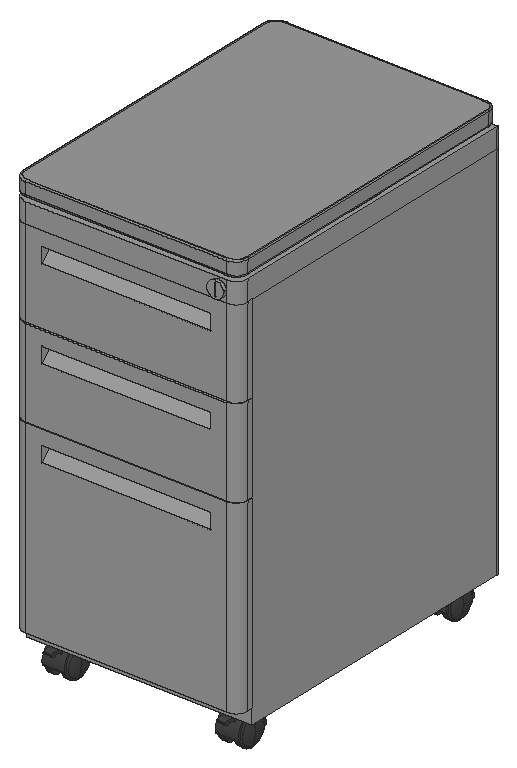
Revit family "Modular Teacher Stand Alone File Cabinet", category Generic Models, Revit 2018
Family settings
  Can host rebar = No
  Round Connector Dimension = Use Diameter
  Part Type = Normal
  Work Plane-Based = No
  Always vertical = Yes
  Cut with Voids When Loaded = No
  Shared = No
  Room Calculation Point = No
Parameters
  Surface = MTD File Cabinet Surface
  Edgeband = MTD File Cabinet Edgeband
  Cabinet Height = 2' - 6"
Reference planes (in)
  plane 1 "Center (Front/Back)": y = 0
  plane 2: z = 0
  plane 3 "Center (Left/Right)": x = 0
  plane 4: z = 30
Dimensions and locks (in)
  "Cabinet Height": plane 4 to level
  aligned and locked: plane 2 to level
  aligned and locked: plane 4 to nested 2
Nested families (in)
  nested 1: "MTD File" at (0.00079, 0.60693, 0) x (-1, 0, 0) z (0, 0, 1), type "MTD File"
  nested 2: "MTD File Upper" at (0.00079, 0.60693, 9.58677) x (-1, 0, 0) z (0, 0, 1), type "MTD File Upper"
Definition of nested family "MTD File"
  Reference planes (in)
    plane 1 "Center (Front/Back)": y = 0
    plane 2: z = 0
    plane 3 "Center (Left/Right)": x = 0
  Forms (in)
    Extrusion 1, solid
      sketch origin (0, 0, 0) x (1, 0, 0) y (0, 1, 0)
        loop
          arc (-6.65354, 10.92441) -> (-7.20976, 10.69402) -> (-7.44016, 10.1378) r 0.78661
          line (-7.44016, 10.1378) -> (-7.44016, -10.45276)
          arc (-7.44016, -10.45276) -> (-7.41733, -10.50788) -> (-7.3622, -10.53071) r 0.07795
          line (-7.3622, -10.53071) -> (7.3622, -10.53071)
          arc (7.3622, -10.53071) -> (7.41733, -10.50788) -> (7.44016, -10.45276) r 0.07795
          line (7.44016, -10.45276) -> (7.44016, 10.1378)
          arc (7.44016, 10.1378) -> (7.20976, 10.69402) -> (6.65354, 10.92441) r 0.78661
          line (6.65354, 10.92441) -> (-6.65354, 10.92441)
      from 27.40157 to 28.73228
    Extrusion 2, solid
      sketch origin (0, 0, 0) x (1, 0, 0) y (0, 1, 0)
        loop
          line (7.44016, 9.82283) -> (-7.44016, 9.82283) -> (-7.44016, -10.45276)
          arc (-7.44016, -10.45276) -> (-7.41733, -10.50788) -> (-7.3622, -10.53071) r 0.07795
          line (-7.3622, -10.53071) -> (7.3622, -10.53071)
          arc (7.3622, -10.53071) -> (7.41733, -10.50788) -> (7.44016, -10.45276) r 0.07795
          line (7.44016, -10.45276) -> (7.44016, 9.82283)
      from 2.16535 to 27.40157
    Extrusion 3, solid
      sketch origin (0, 0, 0) x (1, 0, 0) y (0, 1, 0)
        loop
          line (7.44016, 9.82283) -> (7.44016, 10.1378)
          arc (7.44016, 10.1378) -> (7.20976, 10.69402) -> (6.65354, 10.92441) r 0.78661
          line (6.65354, 10.92441) -> (-6.65354, 10.92441)
          arc (-6.65354, 10.92441) -> (-7.20976, 10.69402) -> (-7.44016, 10.1378) r 0.78661
          line (-7.44016, 10.1378) -> (-7.44016, 9.82283) -> (7.44016, 9.82283)
      from 3.14961 to 15.59055
    Extrusion 4, solid
      sketch origin (0, 0, 12.51969) x (1, 0, 0) y (0, 1, 0)
        loop
          line (7.44016, 9.82283) -> (7.44016, 10.1378)
          arc (7.44016, 10.1378) -> (7.20976, 10.69402) -> (6.65354, 10.92441) r 0.78661
          line (6.65354, 10.92441) -> (-6.65354, 10.92441)
          arc (-6.65354, 10.92441) -> (-7.20976, 10.69402) -> (-7.44016, 10.1378) r 0.78661
          line (-7.44016, 10.1378) -> (-7.44016, 9.82283) -> (7.44016, 9.82283)
      from 3.14961 to 8.97638
    Extrusion 5, solid
      sketch origin (0, 0, 18.4252) x (1, 0, 0) y (0, 1, 0)
        loop
          line (7.44016, 9.82283) -> (7.44016, 10.1378)
          arc (7.44016, 10.1378) -> (7.20976, 10.69402) -> (6.65354, 10.92441) r 0.78661
          line (6.65354, 10.92441) -> (-6.65354, 10.92441)
          arc (-6.65354, 10.92441) -> (-7.20976, 10.69402) -> (-7.44016, 10.1378) r 0.78661
          line (-7.44016, 10.1378) -> (-7.44016, 9.82283) -> (7.44016, 9.82283)
      from 3.14961 to 8.97638
    Extrusion 6, void
      sketch origin (0, 0, 0) x (0, 1, 0) y (0, 0, 1)
        loop
          line (11.05906, 26.45669) -> (10.05906, 26.45669) -> (10.05906, 26.25984) -> (11.05906, 25.25984) -> (11.05906, 26.45669)
        loop
          line (11.05906, 20.55118) -> (10.05906, 20.55118) -> (10.05906, 20.35433) -> (11.05906, 19.35433) -> (11.05906, 20.55118)
        loop
          line (11.05906, 14.64567) -> (10.05906, 14.64567) -> (10.05906, 14.44882) -> (11.05906, 13.44882) -> (11.05906, 14.64567)
      from -5.61024 to 5.61024
    Revolve 7, solid
      sketch origin (0, 8.64227, 0) x (1, 0, 0) y (0, 0, 1)
        loop
          line (-6.14173, 1) -> (-6.72326, 1)
          arc (-6.72326, 1) -> (-6.68459, 0.54462) -> (-6.56968, 0.10229) r 2.70035
          arc (-6.56968, 0.10229) -> (-6.51369, 0.02816) -> (-6.42516, 0) r 0.15323
          line (-6.42516, 0) -> (-6.14173, 0) -> (-6.14173, 1)
        axis (-6.14173, 1) -> (-6.72326, 1)
      angle from 0 to 360
    Extrusion 8, solid
      sketch origin (-11.49606, 0, 0) x (0, 1, 0) y (0, 0, 1)
        loop
          line (7.55688, 0.80668) -> (7.59541, 0.81354)
          arc (7.59541, 0.81354) -> (7.6088, 0.82384) -> (7.61099, 0.8406) r 0.02208
          arc (7.61099, 0.8406) -> (7.84929, 1.67946) -> (8.64163, 2.04369) r 1.04239
          arc (8.64163, 2.04369) -> (9.43397, 1.67946) -> (9.67227, 0.8406) r 1.04239
          arc (9.67227, 0.8406) -> (9.67446, 0.82384) -> (9.68785, 0.81354) r 0.02208
          line (9.68785, 0.81354) -> (9.72638, 0.80668)
          arc (9.72638, 0.80668) -> (9.74194, 0.81126) -> (9.75017, 0.82524) r 0.02208
          arc (9.75017, 0.82524) -> (9.49457, 1.72893) -> (8.64163, 2.12198) r 1.12233
          arc (8.64163, 2.12198) -> (7.78869, 1.72893) -> (7.53309, 0.82524) r 1.12233
          arc (7.53309, 0.82524) -> (7.54132, 0.81126) -> (7.55688, 0.80668) r 0.02208
      from 5 to 6.49606
    Revolve 9, solid
      sketch origin (-11.49606, 8.64227, 0) x (-1, 0, 0) y (0, 0, -1)
        loop
          line (-6.14173, -1) -> (-6.14173, 0) -> (-6.42516, 0)
          arc (-6.42516, 0) -> (-6.51369, -0.02816) -> (-6.56968, -0.10229) r 0.15323
          arc (-6.56968, -0.10229) -> (-6.68459, -0.54462) -> (-6.72326, -1) r 2.70035
          line (-6.72326, -1) -> (-6.14173, -1)
        axis (-6.14173, -1) -> (-6.72326, -1)
      angle from 0 to 360
    Extrusion 10, solid
      sketch origin (0, 0, 0) x (0, 1, 0) y (0, 0, 1)
        loop
          line (7.60539, 0.88189) -> (7.93307, 0.88189) -> (8.01181, 0.80315) -> (9.27165, 0.80315) -> (9.35039, 0.88189) -> (9.67787, 0.88189)
          arc (9.67787, 0.88189) -> (9.42026, 1.69515) -> (8.64163, 2.04369) r 1.04239
          arc (8.64163, 2.04369) -> (7.863, 1.69515) -> (7.60539, 0.88189) r 1.04239
      from -6.02286 to -5.47199
    Extrusion 11, solid
      sketch origin (0, 0, 0) x (0, 1, 0) y (0, 0, 1)
        loop
          line (10.08873, 1.78115) -> (10.25492, 1.87087)
          arc (10.25492, 1.87087) -> (10.27559, 1.90692) -> (10.25246, 1.94145) r 0.03941
          arc (10.25246, 1.94145) -> (9.82529, 2.02134) -> (9.40958, 1.89467) r 0.91293
          arc (9.40958, 1.89467) -> (9.35363, 1.85464) -> (9.30527, 1.80573) r 0.40508
          arc (9.30527, 1.80573) -> (9.3818, 1.736) -> (9.45104, 1.65901) r 1.04239
          arc (9.45104, 1.65901) -> (9.51761, 1.72689) -> (9.59506, 1.78202) r 0.53916
          arc (9.59506, 1.78202) -> (9.7299, 1.84118) -> (9.87478, 1.86753) r 0.63186
          arc (9.87478, 1.86753) -> (9.96697, 1.85013) -> (10.03957, 1.79069) r 0.18982
          arc (10.03957, 1.79069) -> (10.06229, 1.77633) -> (10.08873, 1.78115) r 0.03697
      from -6.02286 to -5.47199
    Extrusion 12, solid
      sketch origin (0, 0, 0) x (1, 0, 0) y (0, 1, 0)
        loop
          circle (-5.74743, 8.05605) r 0.27543
      from 1.65901 to 2.16535
    Revolve 13, solid
      sketch origin (0, 8.64227, 0) x (-1, 0, 0) y (0, 0, -1)
        loop
          line (-6.14173, -1) -> (-6.14173, 0) -> (-6.42516, 0)
          arc (-6.42516, 0) -> (-6.51369, -0.02816) -> (-6.56968, -0.10229) r 0.15323
          arc (-6.56968, -0.10229) -> (-6.68459, -0.54462) -> (-6.72326, -1) r 2.70035
          line (-6.72326, -1) -> (-6.14173, -1)
        axis (-6.14173, -1) -> (-6.72326, -1)
      angle from 0 to 360
    Extrusion 14, solid
      sketch origin (11.49606, 0, 0) x (0, 1, 0) y (0, 0, -1)
        loop
          arc (7.55688, -0.80668) -> (7.54132, -0.81126) -> (7.53309, -0.82524) r 0.02208
          arc (7.53309, -0.82524) -> (7.78869, -1.72893) -> (8.64163, -2.12198) r 1.12233
          arc (8.64163, -2.12198) -> (9.49457, -1.72893) -> (9.75017, -0.82524) r 1.12233
          arc (9.75017, -0.82524) -> (9.74194, -0.81126) -> (9.72638, -0.80668) r 0.02208
          line (9.72638, -0.80668) -> (9.68785, -0.81354)
          arc (9.68785, -0.81354) -> (9.67446, -0.82384) -> (9.67227, -0.8406) r 0.02208
          arc (9.67227, -0.8406) -> (9.43397, -1.67946) -> (8.64163, -2.04369) r 1.04239
          arc (8.64163, -2.04369) -> (7.84929, -1.67946) -> (7.61099, -0.8406) r 1.04239
          arc (7.61099, -0.8406) -> (7.6088, -0.82384) -> (7.59541, -0.81354) r 0.02208
          line (7.59541, -0.81354) -> (7.55688, -0.80668)
      from 5 to 6.49606
    Revolve 15, solid
      sketch origin (11.49606, 8.64227, 0) x (1, 0, 0) y (0, 0, 1)
        loop
          line (-6.14173, 1) -> (-6.72326, 1)
          arc (-6.72326, 1) -> (-6.68459, 0.54462) -> (-6.56968, 0.10229) r 2.70035
          arc (-6.56968, 0.10229) -> (-6.51369, 0.02816) -> (-6.42516, 0) r 0.15323
          line (-6.42516, 0) -> (-6.14173, 0) -> (-6.14173, 1)
        axis (-6.14173, 1) -> (-6.72326, 1)
      angle from 0 to 360
    Extrusion 16, solid
      sketch origin (0, 0, 0) x (0, 1, 0) y (0, 0, -1)
        loop
          arc (7.60539, -0.88189) -> (7.863, -1.69515) -> (8.64163, -2.04369) r 1.04239
          arc (8.64163, -2.04369) -> (9.42026, -1.69515) -> (9.67787, -0.88189) r 1.04239
          line (9.67787, -0.88189) -> (9.35039, -0.88189) -> (9.27165, -0.80315) -> (8.01181, -0.80315) -> (7.93307, -0.88189) -> (7.60539, -0.88189)
      from -6.02286 to -5.47199
    Extrusion 17, solid
      sketch origin (0, 0, 0) x (0, 1, 0) y (0, 0, -1)
        loop
          arc (10.08873, -1.78115) -> (10.06229, -1.77633) -> (10.03957, -1.79069) r 0.03697
          arc (10.03957, -1.79069) -> (9.96697, -1.85013) -> (9.87478, -1.86753) r 0.18982
          arc (9.87478, -1.86753) -> (9.7299, -1.84118) -> (9.59506, -1.78202) r 0.63186
          arc (9.59506, -1.78202) -> (9.51761, -1.72689) -> (9.45104, -1.65901) r 0.53916
          arc (9.45104, -1.65901) -> (9.3818, -1.736) -> (9.30527, -1.80573) r 1.04239
          arc (9.30527, -1.80573) -> (9.35363, -1.85464) -> (9.40958, -1.89467) r 0.40508
          arc (9.40958, -1.89467) -> (9.82529, -2.02134) -> (10.25246, -1.94145) r 0.91293
          arc (10.25246, -1.94145) -> (10.27559, -1.90692) -> (10.25492, -1.87087) r 0.03941
          line (10.25492, -1.87087) -> (10.08873, -1.78115)
      from -6.02286 to -5.47199
    Extrusion 18, solid
      sketch origin (0, 0, 0) x (-1, 0, 0) y (0, -1, 0)
        loop
          circle (-5.74743, -8.05605) r 0.27543
      from 1.65901 to 2.16535
    Revolve 19, solid
      sketch origin (0, -8.56264, 0) x (1, 0, 0) y (0, 0, 1)
        loop
          line (-6.14173, 1) -> (-6.72326, 1)
          arc (-6.72326, 1) -> (-6.68459, 0.54462) -> (-6.56968, 0.10229) r 2.70035
          arc (-6.56968, 0.10229) -> (-6.51369, 0.02816) -> (-6.42516, 0) r 0.15323
          line (-6.42516, 0) -> (-6.14173, 0) -> (-6.14173, 1)
        axis (-6.14173, 1) -> (-6.72326, 1)
      angle from 0 to 360
    Extrusion 20, solid
      sketch origin (-11.49606, -17.2049, 0) x (0, 1, 0) y (0, 0, 1)
        loop
          line (7.55688, 0.80668) -> (7.59541, 0.81354)
          arc (7.59541, 0.81354) -> (7.6088, 0.82384) -> (7.61099, 0.8406) r 0.02208
          arc (7.61099, 0.8406) -> (7.84929, 1.67946) -> (8.64163, 2.04369) r 1.04239
          arc (8.64163, 2.04369) -> (9.43397, 1.67946) -> (9.67227, 0.8406) r 1.04239
          arc (9.67227, 0.8406) -> (9.67446, 0.82384) -> (9.68785, 0.81354) r 0.02208
          line (9.68785, 0.81354) -> (9.72638, 0.80668)
          arc (9.72638, 0.80668) -> (9.74194, 0.81126) -> (9.75017, 0.82524) r 0.02208
          arc (9.75017, 0.82524) -> (9.49457, 1.72893) -> (8.64163, 2.12198) r 1.12233
          arc (8.64163, 2.12198) -> (7.78869, 1.72893) -> (7.53309, 0.82524) r 1.12233
          arc (7.53309, 0.82524) -> (7.54132, 0.81126) -> (7.55688, 0.80668) r 0.02208
      from 5 to 6.49606
    Revolve 21, solid
      sketch origin (-11.49606, -8.56264, 0) x (-1, 0, 0) y (0, 0, -1)
        loop
          line (-6.14173, -1) -> (-6.14173, 0) -> (-6.42516, 0)
          arc (-6.42516, 0) -> (-6.51369, -0.02816) -> (-6.56968, -0.10229) r 0.15323
          arc (-6.56968, -0.10229) -> (-6.68459, -0.54462) -> (-6.72326, -1) r 2.70035
          line (-6.72326, -1) -> (-6.14173, -1)
        axis (-6.14173, -1) -> (-6.72326, -1)
      angle from 0 to 360
    Extrusion 22, solid
      sketch origin (0, -17.2049, 0) x (0, 1, 0) y (0, 0, 1)
        loop
          line (7.60539, 0.88189) -> (7.93307, 0.88189) -> (8.01181, 0.80315) -> (9.27165, 0.80315) -> (9.35039, 0.88189) -> (9.67787, 0.88189)
          arc (9.67787, 0.88189) -> (9.42026, 1.69515) -> (8.64163, 2.04369) r 1.04239
          arc (8.64163, 2.04369) -> (7.863, 1.69515) -> (7.60539, 0.88189) r 1.04239
      from -6.02286 to -5.47199
    Extrusion 23, solid
      sketch origin (0, -17.2049, 0) x (1, 0, 0) y (0, 1, 0)
        loop
          circle (-5.74743, 8.05605) r 0.27543
      from 1.65901 to 2.16535
    Revolve 24, solid
      sketch origin (0, -8.56264, 0) x (-1, 0, 0) y (0, 0, -1)
        loop
          line (-6.14173, -1) -> (-6.14173, 0) -> (-6.42516, 0)
          arc (-6.42516, 0) -> (-6.51369, -0.02816) -> (-6.56968, -0.10229) r 0.15323
          arc (-6.56968, -0.10229) -> (-6.68459, -0.54462) -> (-6.72326, -1) r 2.70035
          line (-6.72326, -1) -> (-6.14173, -1)
        axis (-6.14173, -1) -> (-6.72326, -1)
      angle from 0 to 360
    Extrusion 25, solid
      sketch origin (11.49606, -17.2049, 0) x (0, 1, 0) y (0, 0, -1)
        loop
          arc (7.55688, -0.80668) -> (7.54132, -0.81126) -> (7.53309, -0.82524) r 0.02208
          arc (7.53309, -0.82524) -> (7.78869, -1.72893) -> (8.64163, -2.12198) r 1.12233
          arc (8.64163, -2.12198) -> (9.49457, -1.72893) -> (9.75017, -0.82524) r 1.12233
          arc (9.75017, -0.82524) -> (9.74194, -0.81126) -> (9.72638, -0.80668) r 0.02208
          line (9.72638, -0.80668) -> (9.68785, -0.81354)
          arc (9.68785, -0.81354) -> (9.67446, -0.82384) -> (9.67227, -0.8406) r 0.02208
          arc (9.67227, -0.8406) -> (9.43397, -1.67946) -> (8.64163, -2.04369) r 1.04239
          arc (8.64163, -2.04369) -> (7.84929, -1.67946) -> (7.61099, -0.8406) r 1.04239
          arc (7.61099, -0.8406) -> (7.6088, -0.82384) -> (7.59541, -0.81354) r 0.02208
          line (7.59541, -0.81354) -> (7.55688, -0.80668)
      from 5 to 6.49606
    Revolve 26, solid
      sketch origin (11.49606, -8.56264, 0) x (1, 0, 0) y (0, 0, 1)
        loop
          line (-6.14173, 1) -> (-6.72326, 1)
          arc (-6.72326, 1) -> (-6.68459, 0.54462) -> (-6.56968, 0.10229) r 2.70035
          arc (-6.56968, 0.10229) -> (-6.51369, 0.02816) -> (-6.42516, 0) r 0.15323
          line (-6.42516, 0) -> (-6.14173, 0) -> (-6.14173, 1)
        axis (-6.14173, 1) -> (-6.72326, 1)
      angle from 0 to 360
    Extrusion 27, solid
      sketch origin (0, -17.2049, 0) x (0, 1, 0) y (0, 0, -1)
        loop
          arc (7.60539, -0.88189) -> (7.863, -1.69515) -> (8.64163, -2.04369) r 1.04239
          arc (8.64163, -2.04369) -> (9.42026, -1.69515) -> (9.67787, -0.88189) r 1.04239
          line (9.67787, -0.88189) -> (9.35039, -0.88189) -> (9.27165, -0.80315) -> (8.01181, -0.80315) -> (7.93307, -0.88189) -> (7.60539, -0.88189)
      from -6.02286 to -5.47199
    Extrusion 28, solid
      sketch origin (0, -17.2049, 0) x (-1, 0, 0) y (0, -1, 0)
        loop
          circle (-5.74743, -8.05605) r 0.27543
      from 1.65901 to 2.16535
    Extrusion 29, solid
      sketch origin (0, 0, 0) x (1, 0, 0) y (0, 0, 1)
        loop
          circle (-6.0617, 28.07056) r 0.5483
        loop
          line (-6.02362, 28.46457) -> (-6.10236, 28.46457) -> (-6.10236, 27.67717) -> (-6.02362, 27.67717) -> (-6.02362, 28.46457)
      from -11.14173 to -10.9252
  Cuts and joins
    Extrusion 6 cuts Extrusion 3
    Extrusion 6 cuts Extrusion 4
    Extrusion 6 cuts Extrusion 5
  Dimensions and locks (in)
    aligned and locked: plane 2 to level
Definition of nested family "MTD File Upper"
  Parameters (values of type "MTD File Upper")
    Surface = none
    Edgeband = none
  Reference planes (in)
    plane 1 "Center (Front/Back)": y = 0
    plane 2: z = 0
    plane 3 "Center (Left/Right)": x = 0
  Forms (in)
    Extrusion 1, solid
      sketch origin (0, 0, 0) x (1, 0, 0) y (0, 0, 1)
        loop
          line (6.92913, 19.33449) -> (6.92913, 19.13764) -> (7.00787, 19.13764) -> (7.00787, 19.33449)
          arc (7.00787, 19.33449) -> (6.98481, 19.39016) -> (6.92913, 19.41323) r 0.07874
          line (6.92913, 19.41323) -> (5.82677, 19.41323)
          arc (5.82677, 19.41323) -> (5.77109, 19.39016) -> (5.74803, 19.33449) r 0.07874
          line (5.74803, 19.33449) -> (5.74803, 19.13764) -> (5.82677, 19.13764) -> (5.82677, 19.33449) -> (6.92913, 19.33449)
      from -8.85827 to 8.85827
    Extrusion 2, void
      sketch origin (0, 0, 0) x (0, 1, 0) y (0, 0, 1)
        loop
          line (8.85827, 19.41323) -> (8.85827, 19.33449)
          arc (8.85827, 19.33449) -> (8.80061, 19.19529) -> (8.66142, 19.13764) r 0.19685
          line (8.66142, 19.13764) -> (8.66142, 19.07212) -> (8.91142, 19.07212) -> (8.91142, 19.41323) -> (8.85827, 19.41323)
      from -9.10494 to 12
    Extrusion 3, void
      sketch origin (0, 0, 0) x (0, -1, 0) y (0, 0, -1)
        loop
          line (8.85827, -19.41323) -> (8.91142, -19.41323) -> (8.91142, -19.07212) -> (8.66142, -19.07212) -> (8.66142, -19.13764)
          arc (8.66142, -19.13764) -> (8.80061, -19.19529) -> (8.85827, -19.33449) r 0.19685
          line (8.85827, -19.33449) -> (8.85827, -19.41323)
      from -8.8066 to 12
    Extrusion 4, solid
      sketch origin (0, 0, 0) x (1, 0, 0) y (0, 1, 0)
        loop
          line (6.81102, 1.37795) -> (6.81102, 1.29921) -> (7.00787, 1.29921) -> (7.00787, -1.29921) -> (6.81102, -1.29921) -> (6.81102, -1.37795) -> (7.00787, -1.37795)
          arc (7.00787, -1.37795) -> (7.06355, -1.35489) -> (7.08661, -1.29921) r 0.07874
          line (7.08661, -1.29921) -> (7.08661, 1.29921)
          arc (7.08661, 1.29921) -> (7.06355, 1.35489) -> (7.00787, 1.37795) r 0.07874
          line (7.00787, 1.37795) -> (6.81102, 1.37795)
      from 4.64945 to 19.13764
    Extrusion 5, solid
      sketch origin (0, 0, 0) x (0, 1, 0) y (0, 0, 1)
        loop
          line (-1.29921, 19.13764) -> (1.29921, 19.13764) -> (1.29921, 19.33449)
          arc (1.29921, 19.33449) -> (1.27615, 19.39016) -> (1.22047, 19.41323) r 0.07874
          line (1.22047, 19.41323) -> (-1.22047, 19.41323)
          arc (-1.22047, 19.41323) -> (-1.27615, 19.39016) -> (-1.29921, 19.33449) r 0.07874
          line (-1.29921, 19.33449) -> (-1.29921, 19.13764)
      from 7.00787 to 7.08661
    Extrusion 6, solid
      sketch origin (0, 0, 0) x (-1, 0, 0) y (0, 0, -1)
        loop
          line (6.92913, -19.33449) -> (5.82677, -19.33449) -> (5.82677, -19.13764) -> (5.74803, -19.13764) -> (5.74803, -19.33449)
          arc (5.74803, -19.33449) -> (5.77109, -19.39016) -> (5.82677, -19.41323) r 0.07874
          line (5.82677, -19.41323) -> (6.92913, -19.41323)
          arc (6.92913, -19.41323) -> (6.98481, -19.39016) -> (7.00787, -19.33449) r 0.07874
          line (7.00787, -19.33449) -> (7.00787, -19.13764) -> (6.92913, -19.13764) -> (6.92913, -19.33449)
      from -8.85827 to 8.85827
    Extrusion 7, solid
      sketch origin (0, 0, 0) x (-1, 0, 0) y (0, -1, 0)
        loop
          line (6.81102, -1.37795) -> (7.00787, -1.37795)
          arc (7.00787, -1.37795) -> (7.06355, -1.35489) -> (7.08661, -1.29921) r 0.07874
          line (7.08661, -1.29921) -> (7.08661, 1.29921)
          arc (7.08661, 1.29921) -> (7.06355, 1.35489) -> (7.00787, 1.37795) r 0.07874
          line (7.00787, 1.37795) -> (6.81102, 1.37795) -> (6.81102, 1.29921) -> (7.00787, 1.29921) -> (7.00787, -1.29921) -> (6.81102, -1.29921) -> (6.81102, -1.37795)
      from 4.64945 to 19.13764
    Extrusion 8, solid
      sketch origin (0, 0, 0) x (0, 1, 0) y (0, 0, -1)
        loop
          line (-1.29921, -19.13764) -> (-1.29921, -19.33449)
          arc (-1.29921, -19.33449) -> (-1.27615, -19.39016) -> (-1.22047, -19.41323) r 0.07874
          line (-1.22047, -19.41323) -> (1.22047, -19.41323)
          arc (1.22047, -19.41323) -> (1.27615, -19.39016) -> (1.29921, -19.33449) r 0.07874
          line (1.29921, -19.33449) -> (1.29921, -19.13764) -> (-1.29921, -19.13764)
      from 7.00787 to 7.08661
    Extrusion 9, solid, material <- "Surface"
      sketch origin (0, 0, 0) x (1, 0, 0) y (0, 1, 0)
        loop
          line (6.65094, 10.8252) -> (-6.64906, 10.8252)
          arc (-6.64906, 10.8252) -> (-7.13696, 10.6231) -> (-7.33906, 10.1352) r 0.69
          line (-7.33906, 10.1352) -> (-7.33906, -9.7448)
          arc (-7.33906, -9.7448) -> (-7.13696, -10.23271) -> (-6.64906, -10.4348) r 0.69
          line (-6.64906, -10.4348) -> (6.65094, -10.4348)
          arc (6.65094, -10.4348) -> (7.13885, -10.23271) -> (7.34094, -9.7448) r 0.69
          line (7.34094, -9.7448) -> (7.34094, 10.1352)
          arc (7.34094, 10.1352) -> (7.13885, 10.6231) -> (6.65094, 10.8252) r 0.69
      from 19.41323 to 20.41323
    Sweep 10, solid, material <- "Edgeband"
      path origin (0, 0, 0) x (1, 0, 0) y (0, 1, 0)
        loop
          line (-6.64906, -10.4348) -> (6.65094, -10.4348)
          arc (6.65094, -10.4348) -> (7.13885, -10.23271) -> (7.34094, -9.7448) r 0.69
          line (7.34094, -9.7448) -> (7.34094, 10.1352)
          arc (7.34094, 10.1352) -> (7.13885, 10.6231) -> (6.65094, 10.8252) r 0.69
          line (6.65094, 10.8252) -> (-6.64906, 10.8252)
          arc (-6.64906, 10.8252) -> (-7.13696, 10.6231) -> (-7.33906, 10.1352) r 0.69
          line (-7.33906, 10.1352) -> (-7.33906, -9.7448)
          arc (-7.33906, -9.7448) -> (-7.13696, -10.23271) -> (-6.64906, -10.4348) r 0.69
      profile origin (0.00094, -10.4348, 0) x (0, 1, 0) y (0, 0, 1)
        loop
          arc (0, 20.41323) -> (-0.07071, 20.38394) -> (-0.1, 20.31323) r 0.1
          line (-0.1, 20.31323) -> (-0.1, 19.51323)
          arc (-0.1, 19.51323) -> (-0.07071, 19.44252) -> (0, 19.41323) r 0.1
          line (0, 19.41323) -> (0, 20.41323)
  Cuts and joins
    Extrusion 2, Extrusion 3 cuts Extrusion 1
    Extrusion 2, Extrusion 3 cuts Extrusion 6
  Dimensions and locks (in)
    aligned and locked: plane 2 to level
